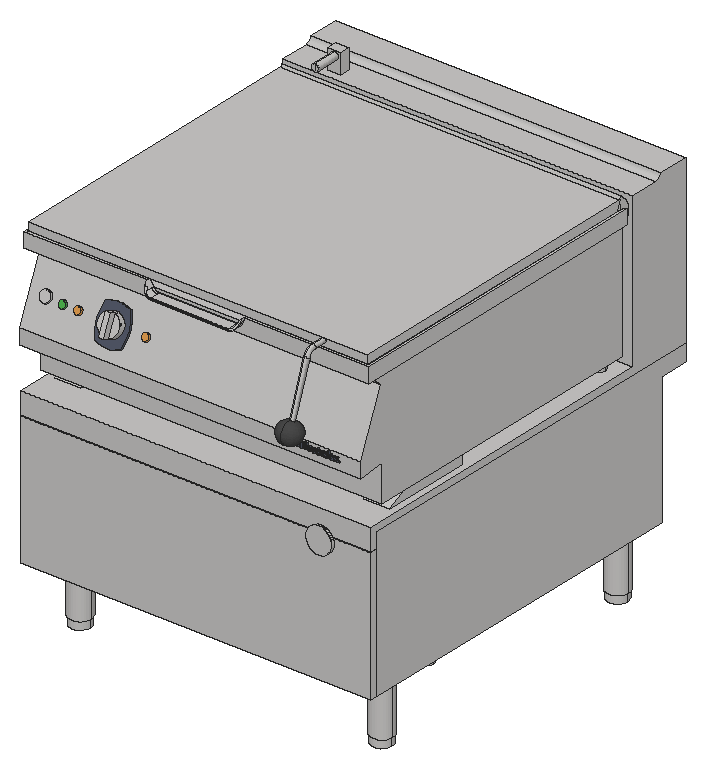
Revit family "QF_ELECTROLUXPROFESSIONAL_391137_E9BRGHDOFM", category Specialty Equipment, Revit 2018 (continued)
Automatic sketch dimensions
  Extrusion 35 sketch curve to Extrusion 35 sketch curve = 0.955 mm
  Extrusion 35 sketch curve to Extrusion 35 sketch curve = 1.251 mm
  Extrusion 35 sketch curve to Extrusion 35 sketch curve = 0.572 mm
  plane 16 to Extrusion 35 sketch curve = 9.958 mm
  Extrusion 35 sketch curve to Extrusion 35 sketch curve = 1.92 mm
  Extrusion 35 sketch curve to Extrusion 35 sketch curve = 1.224 mm
  Extrusion 35 sketch curve to Extrusion 35 sketch curve = 0.745 mm
  Extrusion 35 sketch curve to Extrusion 35 sketch curve = 2.537 mm
  Extrusion 35 sketch curve to Extrusion 35 sketch curve = 0.896 mm  (x3)
  Extrusion 35 sketch curve to Extrusion 35 sketch curve = 0.036 mm
  Extrusion 35 sketch curve to Extrusion 35 sketch curve = 2.607 mm
  Extrusion 35 sketch curve to Extrusion 35 sketch curve = 0.066 mm
  Extrusion 35 sketch curve to Extrusion 35 sketch curve = 0.248 mm
  Extrusion 35 sketch curve to Extrusion 35 sketch curve = 0.449 mm
  plane 16 to Extrusion 35 sketch curve = 10.739 mm
  Extrusion 35 sketch curve to Extrusion 35 sketch curve = 1.052 mm
  Extrusion 35 sketch curve to Extrusion 35 sketch curve = 1.863 mm
  Extrusion 35 sketch curve to Extrusion 35 sketch curve = 1.31 mm  (x2)
  Extrusion 35 sketch curve to Extrusion 35 sketch curve = 0.901 mm
  Extrusion 35 sketch curve to Extrusion 35 sketch curve = 1.107 mm
  Extrusion 35 sketch curve to Extrusion 35 sketch curve = 2.122 mm
  Extrusion 35 sketch curve to Extrusion 35 sketch curve = 2.101 mm
  Extrusion 35 sketch curve to Extrusion 35 sketch curve = 0.106 mm
  Extrusion 35 sketch curve to Extrusion 35 sketch curve = 0.029 mm
  plane 16 to Extrusion 35 sketch curve = 7.936 mm
  Extrusion 35 sketch curve to Extrusion 35 sketch curve = 2.09 mm
  Extrusion 35 sketch curve to Extrusion 35 sketch curve = 1.279 mm
  Extrusion 35 sketch curve to Extrusion 35 sketch curve = 2.008 mm
  Extrusion 35 sketch curve to Extrusion 35 sketch curve = 0.738 mm
  Extrusion 35 sketch curve to Extrusion 35 sketch curve = 0.382 mm
  Extrusion 35 sketch curve to Extrusion 35 sketch curve = 0.384 mm
  Extrusion 35 sketch curve to Extrusion 35 sketch curve = 0.002 mm
  Extrusion 35 sketch curve to Extrusion 35 sketch curve = 0.561 mm
  Extrusion 35 sketch curve to Extrusion 35 sketch curve = 0.592 mm
  Extrusion 35 sketch curve to Extrusion 35 sketch curve = 2.692 mm
  Extrusion 35 sketch curve to Extrusion 35 sketch curve = 1.259 mm
  plane 16 to Extrusion 35 sketch curve = 8.718 mm
  Extrusion 35 sketch curve to Extrusion 35 sketch curve = 0.802 mm
  Extrusion 35 sketch curve to Extrusion 35 sketch curve = 1.024 mm  (x2)
  Extrusion 35 sketch curve to Extrusion 35 sketch curve = 0.682 mm
  Extrusion 35 sketch curve to Extrusion 35 sketch curve = 5.934 mm
  Extrusion 35 sketch curve to Extrusion 35 sketch curve = 2.186 mm
  Extrusion 35 sketch curve to Extrusion 35 sketch curve = 0.337 mm
  Extrusion 35 sketch curve to Extrusion 35 sketch curve = 0.021 mm
  Extrusion 35 sketch curve to Extrusion 35 sketch curve = 1.005 mm
  Extrusion 35 sketch curve to Extrusion 35 sketch curve = 0.552 mm
  Extrusion 35 sketch curve to Extrusion 35 sketch curve = 0.778 mm
  Extrusion 35 sketch curve to Extrusion 35 sketch curve = 0.063 mm
  Extrusion 35 sketch curve to Extrusion 35 sketch curve = 1.023 mm
  Extrusion 35 sketch curve to Extrusion 35 sketch curve = 3.804 mm
  Extrusion 35 sketch curve to Extrusion 35 sketch curve = 0.486 mm
  Extrusion 35 sketch curve to Extrusion 35 sketch curve = 0.266 mm
  Extrusion 35 sketch curve to Extrusion 35 sketch curve = 1.547 mm
  Extrusion 35 sketch curve to Extrusion 35 sketch curve = 0.717 mm  (x2)
  Extrusion 35 sketch curve to Extrusion 35 sketch curve = 1.667 mm
  plane 16 to Extrusion 35 sketch curve = 13.045 mm
  Extrusion 35 sketch curve to Extrusion 35 sketch curve = 3.174 mm
  Extrusion 35 sketch curve to Extrusion 35 sketch curve = 0.388 mm
  Extrusion 35 sketch curve to Extrusion 35 sketch curve = 1.342 mm
  plane 16 to Extrusion 35 sketch curve = 7.442 mm
  Extrusion 35 sketch curve to Extrusion 35 sketch curve = 1.521 mm
  plane 16 to Extrusion 35 sketch curve = 5.883 mm
  Extrusion 35 sketch curve to Extrusion 35 sketch curve = 0.124 mm
  Extrusion 35 sketch curve to Extrusion 35 sketch curve = 0.291 mm
  plane 16 to Extrusion 35 sketch curve = 50.292 mm
  Extrusion 35 sketch curve to Extrusion 35 sketch curve = 1.049 mm  (x2)
  plane 16 to Extrusion 35 sketch curve = 9.909 mm
  Extrusion 35 sketch curve to Extrusion 35 sketch curve = 1.7 mm
  Extrusion 35 sketch curve to Extrusion 35 sketch curve = 0.894 mm
  Extrusion 35 sketch curve to Extrusion 35 sketch curve = 0.989 mm
  Extrusion 35 sketch curve to Extrusion 35 sketch curve = 1.168 mm
  Extrusion 35 sketch curve to Extrusion 35 sketch curve = 1.594 mm
  Extrusion 35 sketch curve to Extrusion 35 sketch curve = 0.731 mm
  Extrusion 35 sketch curve to Extrusion 35 sketch curve = 1.566 mm
  Extrusion 35 sketch curve to Extrusion 35 sketch curve = 0.064 mm
  plane 16 to Extrusion 35 sketch curve = 49.735 mm
  Extrusion 35 sketch curve to Extrusion 35 sketch curve = 0.556 mm
  Extrusion 35 sketch curve to Extrusion 35 sketch curve = 0.48 mm
  Extrusion 35 sketch curve to Extrusion 35 sketch curve = 1.018 mm
  plane 16 to Extrusion 35 sketch curve = 20.148 mm
  Extrusion 35 sketch curve to Extrusion 35 sketch curve = 0.787 mm
  Extrusion 35 sketch curve to Extrusion 35 sketch curve = 0.618 mm
  plane 16 to Extrusion 35 sketch curve = 15.091 mm
  Extrusion 35 sketch curve to Extrusion 35 sketch curve = 1.672 mm
  plane 16 to Extrusion 35 sketch curve = 4.14 mm
  Extrusion 35 sketch curve to Extrusion 35 sketch curve = 1.361 mm
  Extrusion 35 sketch curve to Extrusion 35 sketch curve = 0.822 mm
  Extrusion 35 sketch curve to Extrusion 35 sketch curve = 0.069 mm
  Extrusion 35 sketch curve to Extrusion 35 sketch curve = 1.88 mm
  plane 16 to Extrusion 35 sketch curve = 22.307 mm
  Extrusion 35 sketch curve to Extrusion 35 sketch curve = 0.42 mm
  Extrusion 35 sketch curve to Extrusion 35 sketch curve = 0.062 mm
  Extrusion 35 sketch curve to Extrusion 35 sketch curve = 1.355 mm
  Extrusion 35 sketch curve to Extrusion 35 sketch curve = 2.34 mm
  Extrusion 35 sketch curve to Extrusion 35 sketch curve = 0.493 mm
  Extrusion 35 sketch curve to Extrusion 35 sketch curve = 0.136 mm
  Extrusion 35 sketch curve to Extrusion 35 sketch curve = 0.128 mm
  Extrusion 35 sketch curve to Extrusion 35 sketch curve = 3.616 mm
  Extrusion 35 sketch curve to Extrusion 35 sketch curve = 4.207 mm
  Extrusion 35 sketch curve to Extrusion 35 sketch curve = 0.183 mm
  Extrusion 35 sketch curve to Extrusion 35 sketch curve = 0.895 mm
  Extrusion 35 sketch curve to Extrusion 35 sketch curve = 1.314 mm
  Extrusion 35 sketch curve to Extrusion 35 sketch curve = 3.231 mm
  Extrusion 35 sketch curve to Extrusion 35 sketch curve = 1.299 mm
  Extrusion 35 sketch curve to Extrusion 35 sketch curve = 1.214 mm
  plane 16 to Extrusion 35 sketch curve = 31.208 mm
  Extrusion 35 sketch curve to Extrusion 35 sketch curve = 1.264 mm
  Extrusion 35 sketch curve to Extrusion 35 sketch curve = 0.109 mm
  Extrusion 35 sketch curve to Extrusion 35 sketch curve = 0.357 mm
  Extrusion 35 sketch curve to Extrusion 35 sketch curve = 0.565 mm
  Extrusion 35 sketch curve to Extrusion 35 sketch curve = 2.504 mm
  Extrusion 35 sketch curve to Extrusion 35 sketch curve = 2.459 mm
  Extrusion 35 sketch curve to Extrusion 35 sketch curve = 0.983 mm
  Extrusion 35 sketch curve to Extrusion 35 sketch curve = 0.422 mm  (x2)
  Extrusion 35 sketch curve to Extrusion 35 sketch curve = 1.268 mm
  Extrusion 35 sketch curve to Extrusion 35 sketch curve = 0.671 mm
  Extrusion 35 sketch curve to Extrusion 35 sketch curve = 1.634 mm
  Extrusion 35 sketch curve to Extrusion 35 sketch curve = 0.132 mm
  Extrusion 35 sketch curve to Extrusion 35 sketch curve = 0.586 mm
  Extrusion 35 sketch curve to Extrusion 35 sketch curve = 1.241 mm
  Extrusion 35 sketch curve to Extrusion 35 sketch curve = 1.689 mm
  Extrusion 35 sketch curve to Extrusion 35 sketch curve = 0.627 mm
  Extrusion 35 sketch curve to Extrusion 35 sketch curve = 0.419 mm
  Extrusion 35 sketch curve to Extrusion 35 sketch curve = 1.514 mm
  Extrusion 35 sketch curve to Extrusion 35 sketch curve = 1.019 mm
  Extrusion 35 sketch curve to Extrusion 35 sketch curve = 0.065 mm
  Extrusion 35 sketch curve to Extrusion 35 sketch curve = 1.215 mm
  Extrusion 35 sketch curve to Extrusion 35 sketch curve = 1.122 mm
  Extrusion 35 sketch curve to Extrusion 35 sketch curve = 1.153 mm
  Extrusion 35 sketch curve to Extrusion 35 sketch curve = 1.223 mm
  Extrusion 35 sketch curve to Extrusion 35 sketch curve = 0.934 mm
  Extrusion 35 sketch curve to Extrusion 35 sketch curve = 3.376 mm
  Extrusion 35 sketch curve to Extrusion 35 sketch curve = 0.222 mm
  Extrusion 35 sketch curve to Extrusion 35 sketch curve = 1.383 mm
  Extrusion 35 sketch curve to Extrusion 35 sketch curve = 1.556 mm
  Extrusion 35 sketch curve to Extrusion 35 sketch curve = 2.559 mm
  Extrusion 35 sketch curve to Extrusion 35 sketch curve = 2.51 mm
  Extrusion 35 sketch curve to Extrusion 35 sketch curve = 0.131 mm
  Extrusion 35 sketch curve to Extrusion 35 sketch curve = 1.134 mm
  Extrusion 35 sketch curve to Extrusion 35 sketch curve = 0.366 mm
  Extrusion 35 sketch curve to Extrusion 35 sketch curve = 0.094 mm
  Extrusion 35 sketch curve to Extrusion 35 sketch curve = 1.584 mm
  Extrusion 35 sketch curve to Extrusion 35 sketch curve = 1.501 mm
  Extrusion 35 sketch curve to Extrusion 35 sketch curve = 0.27 mm
  Extrusion 35 sketch curve to Extrusion 35 sketch curve = 1.808 mm
  Extrusion 35 sketch curve to Extrusion 35 sketch curve = 0.643 mm
  Extrusion 35 sketch curve to Extrusion 35 sketch curve = 0.916 mm
  Extrusion 35 sketch curve to Extrusion 35 sketch curve = 0.352 mm
  Extrusion 35 sketch curve to Extrusion 35 sketch curve = 0.458 mm
  Extrusion 35 sketch curve to Extrusion 35 sketch curve = 1.282 mm
  Extrusion 35 sketch curve to Extrusion 35 sketch curve = 1.363 mm
  Extrusion 35 sketch curve to Extrusion 35 sketch curve = 0.685 mm
  Extrusion 35 sketch curve to Extrusion 35 sketch curve = 0.905 mm
  Extrusion 35 sketch curve to Extrusion 35 sketch curve = 2.865 mm
  Extrusion 35 sketch curve to Extrusion 35 sketch curve = 0.472 mm
  Extrusion 35 sketch curve to Extrusion 35 sketch curve = 0.101 mm
  Extrusion 35 sketch curve to Extrusion 35 sketch curve = 0.54 mm
  Extrusion 35 sketch curve to Extrusion 35 sketch curve = 0.02 mm
  Extrusion 35 sketch curve to Extrusion 35 sketch curve = 0.468 mm
  Extrusion 35 sketch curve to Extrusion 35 sketch curve = 0.829 mm
  Extrusion 35 sketch curve to Extrusion 35 sketch curve = 0.582 mm
  Extrusion 35 sketch curve to Extrusion 35 sketch curve = 0.166 mm
  Extrusion 35 sketch curve to Extrusion 35 sketch curve = 0.16 mm
  Extrusion 35 sketch curve to Extrusion 35 sketch curve = 2.781 mm
  Extrusion 35 sketch curve to Extrusion 35 sketch curve = 1.118 mm
  Extrusion 35 sketch curve to Extrusion 35 sketch curve = 0.613 mm
  Extrusion 35 sketch curve to Extrusion 35 sketch curve = 0.781 mm
  Extrusion 35 sketch curve to Extrusion 35 sketch curve = 0.361 mm
  Extrusion 35 sketch curve to Extrusion 35 sketch curve = 0.897 mm
  Extrusion 35 sketch curve to Extrusion 35 sketch curve = 0.167 mm
  Extrusion 35 sketch curve to Extrusion 35 sketch curve = 0.292 mm
  Extrusion 35 sketch curve to Extrusion 35 sketch curve = 0.305 mm
  Extrusion 35 sketch curve to Extrusion 35 sketch curve = 1.557 mm
  Extrusion 35 sketch curve to Extrusion 35 sketch curve = 2.499 mm
  Extrusion 35 sketch curve to Extrusion 35 sketch curve = 3.062 mm
  Extrusion 35 sketch curve to Extrusion 35 sketch curve = 2.968 mm
  Extrusion 35 sketch curve to Extrusion 35 sketch curve = 5.044 mm
  Extrusion 35 sketch curve to Extrusion 35 sketch curve = 0.629 mm  (x2)
  Extrusion 35 sketch curve to Extrusion 35 sketch curve = 1.131 mm
  Extrusion 35 sketch curve to Extrusion 35 sketch curve = 0.137 mm
  Extrusion 35 sketch curve to Extrusion 35 sketch curve = 0.027 mm
  Extrusion 35 sketch curve to Extrusion 35 sketch curve = 2.046 mm
  Extrusion 35 sketch curve to Extrusion 35 sketch curve = 2.235 mm
  plane 7 "Center Y" to curve 53 = 119.371 mm
  Extrusion 36 sketch curve to plane 20 = 53.641 mm
  plane 7 "Center Y" to Extrusion 36 sketch curve = 110 mm
  Extrusion 36 sketch curve to plane 20 = 32.378 mm
  Extrusion 36 sketch curve to Extrusion 36 sketch curve = 7.323 mm
  Extrusion 36 sketch curve to Extrusion 36 sketch curve = 14.203 mm
  Extrusion 36 sketch curve to plane 23 = 46.526 mm
  Extrusion 36 sketch curve to Extrusion 36 sketch curve = 14.214 mm
  Extrusion 36 sketch curve to Extrusion 36 sketch curve = 7.316 mm
  Extrusion 36 sketch curve to Extrusion 36 sketch curve = 21.27 mm
  Extrusion 36 sketch curve to Extrusion 36 sketch curve = 8.2 mm
  Extrusion 36 sketch curve to Extrusion 36 sketch curve = 12.672 mm
  Extrusion 36 sketch curve to Extrusion 36 sketch curve = 12.685 mm
  radius of Extrusion 8 sketch curve = 15 mm  (x2)
  radius of Extrusion 26 sketch curve = 8 mm
  radius of Extrusion 27 sketch curve = 8 mm
  radius of Extrusion 28 sketch curve = 25.4 mm
  radius of Extrusion 29 sketch curve to Extrusion 28 = 0 mm  (x2)
  radius of Extrusion 30 sketch curve = 12.7 mm
  radius of Extrusion 31 sketch curve = 8 mm
  radius of Sweep 15 sketch curve = 5 mm
  radius of Extrusion 17 sketch curve = 12.7 mm
  radius of Extrusion 18 sketch curve = 30 mm
  radius of Extrusion 20 sketch curve = 6.35 mm
  radius of Extrusion 21 sketch curve = 6.35 mm
  radius of Extrusion 22 sketch curve = 6.35 mm
  radius of Sweep 33 sketch curve = 5 mm
Connectors
  piping at (105, -706, 182), diameter 12.8
    settings: on Extrusion 20, index 1, connector inside diameter 0.50394", connector length 0 mm, flow factor 0, pipe flow 0 GPM, pressure drop 0.00 psi, fitting loss kfactor 0, connector angle 0.00°, fixture units 0, engagement length 0 mm, angle of deflection 0.00°, flow configuration 1, flow direction 1, fitting loss method 0, system type 7, joint type 0, gender type 0, connector reference index -1, connector utility 0, adjustable connector no, is connector primary yes, connector description "GAS CONNECTION"
  piping at (195, -698, 182), diameter 19
    settings: on Extrusion 21, index 2, connector inside diameter 0.74803", connector length 0 mm, flow factor 0, pipe flow 0 GPM, pressure drop 0.00 psi, fitting loss kfactor 0, connector angle 0.00°, fixture units 0, engagement length 0 mm, angle of deflection 0.00°, flow configuration 1, flow direction 1, fitting loss method 0, system type 20, joint type 0, gender type 0, connector reference index -1, connector utility 0, adjustable connector no, is connector primary no, connector description "COLD WATER INLET"
  electrical at (265, -706, 182), driven by "Volts", driven by "Watts"
    settings: on Extrusion 22, index 3, voltage 230 V, apparent load 250 VA, apparent load phase1 0 VA, apparent load phase2 0 VA, apparent load phase3 0 VA, power factor 1, load classification "Other", number of poles 1, system type 30, power factor state 1, is connector primary yes, connector utility no, sub classification motor no, connector description "ELECTRICAL CONNECTION"
